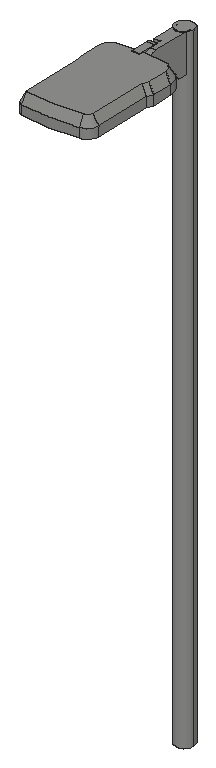
Revit family "VP-2-AA_U", category Lighting Fixtures, host Face, Revit 2019 (continued)
Definition of nested family "SIZE2-AAU"
  Automatic sketch dimensions
    Extrusion 21 sketch curve to plane 8 = 0.00781"
    Extrusion 21 sketch curve to Extrusion 21 sketch curve = 0.06241"
    Extrusion 21 sketch curve to Extrusion 21 sketch curve = 0.47992"
    Extrusion 21 sketch curve to Extrusion 21 sketch curve = 0.20146"
    Extrusion 22 sketch curve to plane 4 = 1.71682"
    Extrusion 22 sketch curve to plane 8 = 0.46661"
    Extrusion 22 sketch curve to Extrusion 22 sketch curve = 0.02618"
    Extrusion 22 sketch curve to Extrusion 22 sketch curve = 0.1119"
    Extrusion 22 sketch curve to plane 8 = 0.03691"
    Extrusion 22 sketch curve to Extrusion 22 sketch curve = 0.36056"
    Extrusion 22 sketch curve to plane 8 = 0.00781"
    Extrusion 22 sketch curve to Extrusion 22 sketch curve = 0.06241"
    Extrusion 22 sketch curve to Extrusion 22 sketch curve = 0.47992"
    Extrusion 22 sketch curve to Extrusion 22 sketch curve = 0.20146"
    Extrusion 23 sketch curve to plane 4 = 1.71682"
    Extrusion 23 sketch curve to plane 8 = 0.46661"
    Extrusion 23 sketch curve to Extrusion 23 sketch curve = 0.02618"
    Extrusion 23 sketch curve to Extrusion 23 sketch curve = 0.1119"
    Extrusion 23 sketch curve to plane 8 = 0.03691"
    Extrusion 23 sketch curve to Extrusion 23 sketch curve = 0.36056"
    Extrusion 23 sketch curve to plane 8 = 0.00781"
    Extrusion 23 sketch curve to Extrusion 23 sketch curve = 0.06241"
    Extrusion 23 sketch curve to Extrusion 23 sketch curve = 0.47992"
    Extrusion 23 sketch curve to Extrusion 23 sketch curve = 0.20146"
    Extrusion 24 sketch curve to plane 4 = 1.71682"
    Extrusion 24 sketch curve to plane 8 = 0.46661"
    Extrusion 24 sketch curve to Extrusion 24 sketch curve = 0.02618"
    Extrusion 24 sketch curve to Extrusion 24 sketch curve = 0.1119"
    Extrusion 24 sketch curve to plane 8 = 0.03691"
    Extrusion 24 sketch curve to Extrusion 24 sketch curve = 0.36056"
    Extrusion 24 sketch curve to plane 8 = 0.00781"
    Extrusion 24 sketch curve to Extrusion 24 sketch curve = 0.06241"
    Extrusion 24 sketch curve to Extrusion 24 sketch curve = 0.47992"
    Extrusion 24 sketch curve to Extrusion 24 sketch curve = 0.20146"
    Extrusion 25 sketch curve to plane 4 = 1.71682"
    Extrusion 25 sketch curve to plane 8 = 0.46661"
    Extrusion 25 sketch curve to Extrusion 25 sketch curve = 0.02618"
    Extrusion 25 sketch curve to Extrusion 25 sketch curve = 0.1119"
    Extrusion 25 sketch curve to plane 8 = 0.03691"
    Extrusion 25 sketch curve to Extrusion 25 sketch curve = 0.36056"
    Extrusion 25 sketch curve to plane 8 = 0.00781"
    Extrusion 25 sketch curve to Extrusion 25 sketch curve = 0.06241"
    Extrusion 25 sketch curve to Extrusion 25 sketch curve = 0.47992"
    Extrusion 25 sketch curve to Extrusion 25 sketch curve = 0.20146"
    Extrusion 26 sketch curve to plane 5 = 1.71682"
    plane 8 to Extrusion 26 sketch curve = 0.46661"
    Extrusion 26 sketch curve to Extrusion 26 sketch curve = 0.02618"
    Extrusion 26 sketch curve to Extrusion 26 sketch curve = 0.1119"
    plane 8 to Extrusion 26 sketch curve = 0.03691"
    Extrusion 26 sketch curve to Extrusion 26 sketch curve = 0.36056"
    plane 8 to Extrusion 26 sketch curve = 0.00781"
    Extrusion 26 sketch curve to Extrusion 26 sketch curve = 0.06241"
    Extrusion 26 sketch curve to Extrusion 26 sketch curve = 0.47992"
    Extrusion 26 sketch curve to Extrusion 26 sketch curve = 0.20146"
    plane 5 to Extrusion 27 sketch curve = 1.71682"
    Extrusion 27 sketch curve to plane 8 = 0.46661"
    Extrusion 27 sketch curve to Extrusion 27 sketch curve = 0.02618"
    Extrusion 27 sketch curve to Extrusion 27 sketch curve = 0.1119"
    Extrusion 27 sketch curve to plane 8 = 0.03691"
    Extrusion 27 sketch curve to Extrusion 27 sketch curve = 0.36056"
    Extrusion 27 sketch curve to plane 8 = 0.00781"
    Extrusion 27 sketch curve to Extrusion 27 sketch curve = 0.06241"
    Extrusion 27 sketch curve to Extrusion 27 sketch curve = 0.47992"
    Extrusion 27 sketch curve to Extrusion 27 sketch curve = 0.20146"
    plane 5 to Extrusion 28 sketch curve = 1.71682"
    Extrusion 28 sketch curve to plane 8 = 0.46661"
    Extrusion 28 sketch curve to Extrusion 28 sketch curve = 0.02618"
    Extrusion 28 sketch curve to Extrusion 28 sketch curve = 0.1119"
    Extrusion 28 sketch curve to plane 8 = 0.03691"
    Extrusion 28 sketch curve to Extrusion 28 sketch curve = 0.36056"
    Extrusion 28 sketch curve to plane 8 = 0.00781"
    Extrusion 28 sketch curve to Extrusion 28 sketch curve = 0.06241"
    Extrusion 28 sketch curve to Extrusion 28 sketch curve = 0.47992"
    Extrusion 28 sketch curve to Extrusion 28 sketch curve = 0.20146"
    plane 5 to Extrusion 29 sketch curve = 1.71682"
    Extrusion 29 sketch curve to plane 8 = 0.46661"
    Extrusion 29 sketch curve to Extrusion 29 sketch curve = 0.02618"
    Extrusion 29 sketch curve to Extrusion 29 sketch curve = 0.1119"
    Extrusion 29 sketch curve to plane 8 = 0.03691"
    Extrusion 29 sketch curve to Extrusion 29 sketch curve = 0.36056"
    Extrusion 29 sketch curve to plane 8 = 0.00781"
    Extrusion 29 sketch curve to Extrusion 29 sketch curve = 0.06241"
    Extrusion 29 sketch curve to Extrusion 29 sketch curve = 0.47992"
    Extrusion 29 sketch curve to Extrusion 29 sketch curve = 0.20146"
    plane 5 to Extrusion 30 sketch curve = 1.71682"
    Extrusion 30 sketch curve to plane 8 = 0.46661"
    Extrusion 30 sketch curve to Extrusion 30 sketch curve = 0.02618"
    Extrusion 30 sketch curve to Extrusion 30 sketch curve = 0.1119"
    Extrusion 30 sketch curve to plane 8 = 0.03691"
    Extrusion 30 sketch curve to Extrusion 30 sketch curve = 0.36056"
    Extrusion 30 sketch curve to plane 8 = 0.00781"
    Extrusion 30 sketch curve to Extrusion 30 sketch curve = 0.06241"
    Extrusion 30 sketch curve to Extrusion 30 sketch curve = 0.47992"
    Extrusion 30 sketch curve to Extrusion 30 sketch curve = 0.20146"
    plane 5 to Extrusion 31 sketch curve = 1.77513"
    Extrusion 31 sketch curve to Extrusion 31 sketch curve = 0.35"  (x3)
    Extrusion 31 sketch curve to plane 4 = 2.07197"  (x2)
    plane 6 to Extrusion 31 sketch curve = 7.81182"
    Extrusion 31 sketch curve to Extrusion 31 sketch curve = 5.05"
    plane 5 to Extrusion 32 sketch curve = 2.33171"
    Extrusion 32 sketch curve to Extrusion 32 sketch curve = 0.00"  (x61)
    Extrusion 32 sketch curve to Extrusion 32 sketch curve = 0.51875"  (x27)
    plane 6 to Extrusion 32 sketch curve = 8.73694"
    Extrusion 32 sketch curve to Extrusion 32 sketch curve = 0.50"  (x72)
    plane 4 to Extrusion 33 sketch curve = 2.33171"
    Extrusion 33 sketch curve to Extrusion 33 sketch curve = 0.00"  (x61)
    Extrusion 33 sketch curve to Extrusion 33 sketch curve = 0.51875"  (x27)
    Extrusion 33 sketch curve to plane 6 = 8.73694"
    Extrusion 33 sketch curve to Extrusion 33 sketch curve = 0.50"  (x72)
    plane 5 to Extrusion 34 sketch curve = 1.89345"
    Extrusion 34 sketch curve to Extrusion 34 sketch curve = 0.25"  (x3)
    Extrusion 34 sketch curve to plane 3 "Center (Left/Right)" = 0.54655"  (x2)
    plane 6 to Extrusion 34 sketch curve = 8.2409"
    Extrusion 34 sketch curve to Extrusion 34 sketch curve = 4.50"
    plane 4 to Extrusion 35 sketch curve = 1.89345"
    Extrusion 35 sketch curve to Extrusion 35 sketch curve = 0.25"  (x3)
    Extrusion 35 sketch curve to plane 3 "Center (Left/Right)" = 0.54655"  (x2)
    Extrusion 35 sketch curve to plane 6 = 8.2409"
    Extrusion 35 sketch curve to Extrusion 35 sketch curve = 4.50"
    Extrusion 36 sketch curve to plane 8 = 0.00"
    Extrusion 36 sketch curve to plane 1 "Center (Front/Back)" = 0.00"
    Extrusion 36 sketch curve to level = 1.406"
    plane 8 to Extrusion 36 sketch curve = 3.692"
    level to Extrusion 36 sketch curve = 1.12478"
    Extrusion 36 sketch curve to plane 6 = 3.59188"
    Extrusion 36 sketch curve to plane 6 = 1.06082"
    Extrusion 37 sketch curve to plane 8 = 0.00"
    Extrusion 37 sketch curve to plane 1 "Center (Front/Back)" = 0.00"
    Extrusion 37 sketch curve to plane 6 = 2.18571"
    plane 6 to Extrusion 37 sketch curve = 1.31429"
    Extrusion 38 sketch curve to plane 3 "Center (Left/Right)" = 0.00"
    Extrusion 38 sketch curve to Extrusion 38 sketch curve = 1.50"
    Extrusion 38 sketch curve to plane 6 = 3.59188"
    plane 6 to Extrusion 38 sketch curve = 0.80"
    radius of Extrusion 7 sketch curve = 0.15"  (x81)
    radius of Extrusion 8 sketch curve = 0.15"  (x81)
    radius of Extrusion 32 sketch curve = 0.15"  (x81)
    radius of Extrusion 33 sketch curve = 0.15"  (x81)
Types (4): name | Pole Radius | Mounting Block Size | Model | Pole Size
  (no name) | 1.75" | 2.50" | "VP-2-AA3U" | 3.50"
  VP-2-AA3U | 1.75" | 2.50" | "VP-2-AA3U" | 3.50"
  VP-2-AA4U | 2.09" | 3.18" | "VP-2-AA4U" | 4.18"
  VP-2-AA5U | 2.75" | 4.50" | "VP-2-AA5U" | 5.50"
